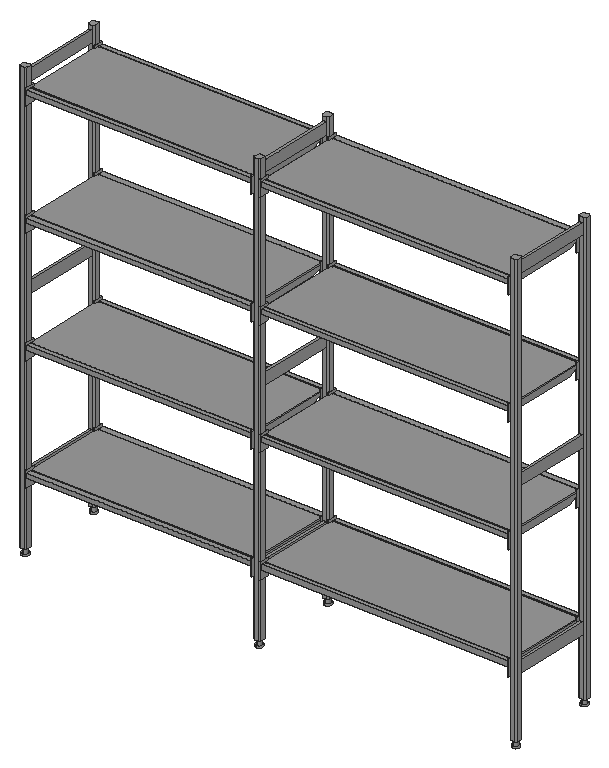
Revit family "QF_ELECTROLUXPROFESSIONAL_137023_ALS1960", category Attrezzature speciali, Revit 2020
Family settings
  Quota connettore circolare = Usa diametro
  Tipo di parte = Normale
  Basato su piano di lavoro = No
  Sempre verticale = Sì
  Taglio con vuoti quando caricato = No
  Condiviso = No
  Punto di calcolo locali = No
Parameters (values of type "Standard")
  Weight = 34.00 kg
  Watts = 0 W
  Volts = 0 V
  URL Manufacturer = "https://www.electroluxprofessional.com/"
  URL = "https://www.electroluxprofessional.com/"
  Steam Supply Size = 0 mm
  Steam Supply Minimum Pressure = 0.0 Pa
  Steam Supply Maximum Pressure = 0.0 Pa
  Steam Consumption per Hour = 0
  Refrigeration Suction Line Size = 0.0 mm
  Refrigeration Liquid Line Size = 0.0 mm
  Refrigerant Compressor Remote = yes
  Prospetto di default = 0.0 mm
  Phase = 0
  Modello = "ALS1960"
  Produttore = "Electrolux Professional"
  Length Actual = 1960.0 mm  # constant formula
  Item Number = "137023"
  Hot Water Size = 0 mm
  Height Actual = 1700.0 mm  # constant formula
  HP = "0 HP"
  Gas Size = 0 mm
  Gas KW = 0
  Gas Input Pressure = 0 W
  Direct Waste Size = 0 mm
  Descrizione = "ALUM.LINEAR SHELV.-POLY.TIERS-373X1960MM"
  Depth Actual = 373.0 mm  # constant formula
  Cycle = 0 Hz
  Condensate Return Size = 0 mm
  Compressed Air Volume = 0.0 L/s
  Compressed Air Size = 0 mm
  Compressed Air Pressure = 0.0 Pa
  Cold Water Size = 0 mm
  Accessory = yes
Reference planes
  plane 1: z = 0
  plane 2 "CenterLeft": x = -31
  plane 3 "LEFT": x = -417
  plane 4 "BACK": y = 23
  plane 5 "FRONT": y = -350
  plane 6 "TOP": z = 1700
  plane 7: x = -385
  plane 8: x = 501
  plane 9 "Center (Front/Back)": y = -163.5
  plane 10: y = -8.5
  plane 11: y = -318.5
  plane 12 "FEET": z = 25
  plane 13: z = 275
  plane 14: z = 725
  plane 15: z = 1175
  plane 16: z = 1625
  plane 17 "CXLeft": x = -403
  plane 18 "Center (Left/Right)": x = 519
  plane 19: y = 5.5
  plane 20 "CYBack": y = 5.5
  plane 21 "CYFront": y = -332.5
  plane 22 "RIGHT": x = 1543
  plane 23: x = 1511
  plane 24 "CXRight": x = 1529
  plane 25: x = 537
Forms (mm)
  Extrusion 1, solid, material "QF_Aluminum"
    sketch origin (-417, 0, -4.006) x (0, 1, 0) y (0, 0, 1)
      loop
        line (-12, 1637.003) -> (4, 1637.003) -> (4, 1655) -> (2.007, 1655) -> (2.007, 1648.501) -> (-329, 1648.501) -> (-329, 1655) -> (-331, 1655) -> (-331, 1637.003) -> (-315, 1637.003) -> (-281, 1625) -> (-46, 1625) -> (-12, 1637.003)
      loop
        line (-12, 1187.003) -> (4, 1187.003) -> (4, 1205) -> (2.007, 1205) -> (2.007, 1198.501) -> (-329, 1198.501) -> (-329, 1205) -> (-331, 1205) -> (-331, 1187.003) -> (-315, 1187.003) -> (-281, 1175) -> (-46, 1175) -> (-12, 1187.003)
      loop
        line (-12, 737.003) -> (4, 737.003) -> (4, 755) -> (2.007, 755) -> (2.007, 748.501) -> (-329, 748.501) -> (-329, 755) -> (-331, 755) -> (-331, 737.003) -> (-315, 737.003) -> (-281, 725) -> (-46, 725) -> (-12, 737.003)
      loop
        line (-12, 287.003) -> (4, 287.003) -> (4, 305) -> (2.007, 305) -> (2.007, 298.501) -> (-329, 298.501) -> (-329, 305) -> (-331, 305) -> (-331, 287.003) -> (-315, 287.003) -> (-281, 275) -> (-46, 275) -> (-12, 287.003)
    from 37 to 32
  Extrusion 2, solid, material "QF_Aluminum"
    sketch origin (-417, 0, 0) x (0, 1, 0) y (0, 0, 1)
      loop
        line (23, 246.005) -> (23, 307.993) -> (-12.993, 307.993) -> (-12.993, 246.005) -> (23, 246.005)
      loop
        line (-350, 246.005) -> (-314.007, 246.005) -> (-314.007, 307.993) -> (-350, 307.993) -> (-350, 246.005)
      loop
        line (23, 696.005) -> (23, 757.993) -> (-12.993, 757.993) -> (-12.993, 696.005) -> (23, 696.005)
      loop
        line (-350, 696.005) -> (-314.007, 696.005) -> (-314.007, 757.993) -> (-350, 757.993) -> (-350, 696.005)
      loop
        line (23, 1146.005) -> (23, 1207.993) -> (-12.993, 1207.993) -> (-12.993, 1146.005) -> (23, 1146.005)
      loop
        line (-350, 1146.005) -> (-314.007, 1146.005) -> (-314.007, 1207.993) -> (-350, 1207.993) -> (-350, 1146.005)
      loop
        line (23, 1596.005) -> (23, 1657.993) -> (-12.993, 1657.993) -> (-12.993, 1596.005) -> (23, 1596.005)
      loop
        line (-350, 1596.005) -> (-314.007, 1596.005) -> (-314.007, 1657.993) -> (-350, 1657.993) -> (-350, 1596.005)
    from 28 to 32
  Extrusion 3, solid, material "QF_Aluminum"
    sketch origin (-417, 0, 0) x (0, 1, 0) y (0, 0, 1)
      loop
        line (4, 1650.994) -> (4, 1632.998) -> (23, 1632.998) -> (23, 1650.994) -> (4, 1650.994)
      loop
        line (-331, 1650.994) -> (-350, 1650.994) -> (-350, 1632.998) -> (-331, 1632.998) -> (-331, 1650.994)
      loop
        line (4, 1200.994) -> (4, 1182.998) -> (23, 1182.998) -> (23, 1200.994) -> (4, 1200.994)
      loop
        line (-331, 1200.994) -> (-350, 1200.994) -> (-350, 1182.998) -> (-331, 1182.998) -> (-331, 1200.994)
      loop
        line (4, 750.994) -> (4, 732.998) -> (23, 732.998) -> (23, 750.994) -> (4, 750.994)
      loop
        line (-331, 750.994) -> (-350, 750.994) -> (-350, 732.998) -> (-331, 732.998) -> (-331, 750.994)
      loop
        line (4, 300.994) -> (4, 282.998) -> (23, 282.998) -> (23, 300.994) -> (4, 300.994)
      loop
        line (-331, 300.994) -> (-350, 300.994) -> (-350, 282.998) -> (-331, 282.998) -> (-331, 300.994)
    from 32 to 918
  Extrusion 4, solid, material "QF_Polyethylene"
    sketch origin (-417, 0, 0) x (0, 1, 0) y (0, 0, 1)
      loop
        line (2.007, 1650.994) -> (-329, 1650.994) -> (-329, 1644.496) -> (2.007, 1644.496) -> (2.007, 1650.994)
      loop
        line (2.007, 1200.994) -> (-329, 1200.994) -> (-329, 1194.496) -> (2.007, 1194.496) -> (2.007, 1200.994)
      loop
        line (2.007, 750.994) -> (-329, 750.994) -> (-329, 744.496) -> (2.007, 744.496) -> (2.007, 750.994)
      loop
        line (2.007, 300.994) -> (-329, 300.994) -> (-329, 294.496) -> (2.007, 294.496) -> (2.007, 300.994)
    from 32 to 918
  Extrusion 5, solid, material "QF_Aluminum"
    sketch origin (1543, 0, 0) x (0, 1, 0) y (0, 0, 1)
      loop
        line (4, 1650.994) -> (4, 1632.998) -> (23, 1632.998) -> (23, 1650.994) -> (4, 1650.994)
      loop
        line (-331, 1650.994) -> (-350, 1650.994) -> (-350, 1632.998) -> (-331, 1632.998) -> (-331, 1650.994)
      loop
        line (4, 1200.994) -> (4, 1182.998) -> (23, 1182.998) -> (23, 1200.994) -> (4, 1200.994)
      loop
        line (-331, 1200.994) -> (-350, 1200.994) -> (-350, 1182.998) -> (-331, 1182.998) -> (-331, 1200.994)
      loop
        line (4, 750.994) -> (4, 732.998) -> (23, 732.998) -> (23, 750.994) -> (4, 750.994)
      loop
        line (-331, 750.994) -> (-350, 750.994) -> (-350, 732.998) -> (-331, 732.998) -> (-331, 750.994)
      loop
        line (4, 300.994) -> (4, 282.998) -> (23, 282.998) -> (23, 300.994) -> (4, 300.994)
      loop
        line (-331, 300.994) -> (-350, 300.994) -> (-350, 282.998) -> (-331, 282.998) -> (-331, 300.994)
    from -32 to -1006
  Extrusion 6, solid, material "QF_Polyethylene"
    sketch origin (1543, 0, 0) x (0, 1, 0) y (0, 0, 1)
      loop
        line (2.007, 1650.994) -> (-329, 1650.994) -> (-329, 1644.496) -> (2.007, 1644.496) -> (2.007, 1650.994)
      loop
        line (2.007, 1200.994) -> (-329, 1200.994) -> (-329, 1194.496) -> (2.007, 1194.496) -> (2.007, 1200.994)
      loop
        line (2.007, 750.994) -> (-329, 750.994) -> (-329, 744.496) -> (2.007, 744.496) -> (2.007, 750.994)
      loop
        line (2.007, 300.994) -> (-329, 300.994) -> (-329, 294.496) -> (2.007, 294.496) -> (2.007, 300.994)
    from -32 to -1006
Lines and regions (mm)
  symbolic lines
    curve 1: line (501, 4, 1700) -> (-385, 4, 1700)
    curve 2: line (-408, -8.5, 1700) -> (-408, -318.5, 1700)
    curve 3: line (-398, -318.5, 1700) -> (-398, -8.5, 1700)
    curve 4: line (-389, 23, 1700) -> (505, 23, 1700)
    curve 5: line (-385, -350, 1700) -> (501, -350, 1700)
    curve 6: line (533, 23, 1700) -> (1515, 23, 1700)
    curve 7: line (533, -350, 1700) -> (1515, -350, 1700)
    curve 8: line (-385, -331, 1700) -> (501, -331, 1700)
    curve 9: line (537, -331, 1700) -> (1511, -331, 1700)
    curve 10: line (537, 4, 1700) -> (1511, 4, 1700)
    curve 11: line (1511, -12.993, 1700) -> (1511, -314.007, 1700)
    curve 12: line (501, -12.993, 1700) -> (501, -314.007, 1700)
    curve 13: line (537, -314.007, 1700) -> (537, -12.993, 1700)
    curve 14: line (-385, -12.993, 1700) -> (-385, -314.007, 1700)
Dimensions and locks
  plane 3 "LEFT" to plane 2 "CenterLeft" = 386.0 mm
  locked: plane 6 "TOP" to level at 1700
  locked: plane 4 "BACK" to plane 5 "FRONT" at 373
  locked: plane 7 to plane 8 at 886
  locked: plane 10 to plane 11 at 310
  equal spacing: plane 10, plane 9 "Center (Front/Back)", plane 11
  equal spacing: plane 4 "BACK", plane 9 "Center (Front/Back)", plane 5 "FRONT"
  plane 12 "FEET" to level = 25.0 mm
  plane 6 "TOP" to plane 12 "FEET" = 1675.0 mm
  plane 13 to plane 12 "FEET" = 250.0 mm
  plane 14 to plane 13 = 450.0 mm
  plane 15 to plane 14 = 450.0 mm
  plane 16 to plane 15 = 450.0 mm
  locked: plane 4 "BACK" to plane 20 "CYBack" at 17.5
  locked: plane 21 "CYFront" to plane 5 "FRONT" at 17.5
  locked: plane 4 "BACK" to Extrusion 1 at 19
  locked: Extrusion 1 to plane 5 "FRONT" at 19
  Extrusion 1 sketch curve to plane 21 "CYFront" = 3.5 mm
  plane 3 "LEFT" to plane 22 "RIGHT" = 1960.0 mm
  locked: plane 25 to plane 23 at 974
  locked: plane 8 to plane 18 "Center (Left/Right)" at 18
  locked: plane 18 "Center (Left/Right)" to plane 25 at 18
  locked: plane 3 "LEFT" to plane 7 at 32
  locked: plane 24 "CXRight" to plane 22 "RIGHT" at 14
  aligned and locked: level to plane 1
  aligned and locked: plane 7 to Extrusion 1
  aligned and locked: Extrusion 2 to plane 7
  aligned and locked: plane 7 to Extrusion 4
  aligned and locked: Extrusion 4 to plane 8
  aligned and locked: plane 7 to Extrusion 3
  aligned and locked: Extrusion 3 to plane 8
  aligned and locked: Extrusion 3 sketch curve to Extrusion 1
  aligned and locked: Extrusion 1 to Extrusion 3 sketch curve
  aligned and locked: Extrusion 3 sketch curve to Extrusion 3 sketch curve  (x2)
  aligned and locked: Extrusion 1 sketch curve to Extrusion 1 sketch curve  (x3)
  aligned and locked: Extrusion 4 sketch curve to Extrusion 1  (x4)
  aligned and locked: Extrusion 5 sketch curve to Extrusion 5 sketch curve  (x2)
  aligned and locked: Extrusion 5 to plane 25
  aligned and locked: Extrusion 6 to plane 25
  aligned and locked: plane 18 "Center (Left/Right)" to nested 3
  aligned and locked: plane 17 "CXLeft" to nested 1
  aligned and locked: Extrusion 3 to plane 7  (x3)
  aligned and locked: plane 8 to Extrusion 3  (x4)
  aligned and locked: plane 25 to Extrusion 5  (x4)
  aligned and locked: plane 25 to Extrusion 6  (x4)
  aligned and locked: plane 8 to Extrusion 4  (x4)
  aligned and locked: plane 24 "CXRight" to nested 2
  aligned and locked: Extrusion 5 to plane 23
  aligned and locked: Extrusion 6 to plane 23
  aligned and locked: plane 23 to Extrusion 5  (x3)
  aligned and locked: plane 23 to Extrusion 6  (x3)
Automatic sketch dimensions
  plane 21 "CYFront" to Extrusion 1 sketch curve = 1.5 mm  (x4)
  plane 11 to Extrusion 1 sketch curve = 3.5 mm  (x4)
  Extrusion 1 sketch curve to plane 13 = 4.006 mm
  Extrusion 1 sketch curve to Extrusion 1 sketch curve = 34.0 mm  (x4)
  Extrusion 1 sketch curve to plane 14 = 4.006 mm
  Extrusion 1 sketch curve to plane 15 = 4.006 mm
  Extrusion 1 sketch curve to plane 16 = 4.006 mm
  Extrusion 1 sketch curve to plane 10 = 37.5 mm  (x4)
  Extrusion 1 sketch curve to plane 10 = 3.5 mm  (x4)
  plane 19 to Extrusion 1 sketch curve = 3.493 mm  (x4)
  plane 19 to Extrusion 1 sketch curve = 1.5 mm  (x4)
  plane 13 to Extrusion 1 sketch curve = 7.998 mm  (x2)
  Extrusion 1 sketch curve to Extrusion 1 sketch curve = 11.498 mm  (x4)
  Extrusion 1 sketch curve to Extrusion 1 sketch curve = 6.499 mm  (x8)
  plane 14 to Extrusion 1 sketch curve = 7.998 mm  (x2)
  plane 15 to Extrusion 1 sketch curve = 7.998 mm  (x2)
  plane 16 to Extrusion 1 sketch curve = 7.998 mm  (x2)
  Extrusion 2 sketch curve to plane 5 "FRONT" = 0.0 mm  (x4)
  Extrusion 2 sketch curve to plane 4 "BACK" = 0.0 mm  (x4)
  plane 11 to Extrusion 2 sketch curve = 4.493 mm  (x4)
  Extrusion 2 sketch curve to plane 10 = 4.493 mm  (x4)
  Extrusion 2 sketch curve to plane 13 = 28.995 mm  (x2)
  plane 13 to Extrusion 2 sketch curve = 32.993 mm  (x2)
  Extrusion 2 sketch curve to plane 14 = 28.995 mm  (x2)
  plane 14 to Extrusion 2 sketch curve = 32.993 mm  (x2)
  Extrusion 2 sketch curve to plane 15 = 28.995 mm  (x2)
  plane 15 to Extrusion 2 sketch curve = 32.993 mm  (x2)
  Extrusion 2 sketch curve to plane 16 = 28.995 mm  (x2)
  plane 16 to Extrusion 2 sketch curve = 32.993 mm  (x2)
  Extrusion 3 sketch curve to plane 5 "FRONT" = 0.0 mm  (x4)
  Extrusion 3 sketch curve to plane 4 "BACK" = 0.0 mm  (x4)
  plane 19 to Extrusion 3 sketch curve = 1.5 mm  (x4)
  plane 13 to Extrusion 3 sketch curve = 7.998 mm  (x2)
  Extrusion 3 sketch curve to Extrusion 3 sketch curve = 17.997 mm  (x8)
  plane 14 to Extrusion 3 sketch curve = 7.998 mm  (x2)
  plane 15 to Extrusion 3 sketch curve = 7.998 mm  (x2)
  plane 16 to Extrusion 3 sketch curve = 7.998 mm  (x2)
  plane 19 to Extrusion 4 sketch curve = 3.493 mm  (x4)
  plane 13 to Extrusion 4 sketch curve = 19.496 mm
  Extrusion 4 sketch curve to Extrusion 4 sketch curve = 6.499 mm  (x4)
  plane 14 to Extrusion 4 sketch curve = 19.496 mm
  plane 15 to Extrusion 4 sketch curve = 19.496 mm
  plane 16 to Extrusion 4 sketch curve = 19.496 mm
  Extrusion 5 sketch curve to plane 5 "FRONT" = 0.0 mm  (x4)
  Extrusion 5 sketch curve to plane 4 "BACK" = 0.0 mm  (x4)
  plane 21 "CYFront" to Extrusion 5 sketch curve = 1.5 mm  (x2)
  plane 19 to Extrusion 5 sketch curve = 1.5 mm  (x4)
  plane 13 to Extrusion 5 sketch curve = 7.998 mm  (x2)
  Extrusion 5 sketch curve to Extrusion 5 sketch curve = 17.997 mm  (x8)
  plane 14 to Extrusion 5 sketch curve = 7.998 mm  (x2)
  plane 15 to Extrusion 5 sketch curve = 7.998 mm  (x2)
  plane 16 to Extrusion 5 sketch curve = 7.998 mm  (x2)
  plane 21 "CYFront" to Extrusion 6 sketch curve = 3.5 mm  (x4)
  plane 19 to Extrusion 6 sketch curve = 3.493 mm  (x4)
  plane 13 to Extrusion 6 sketch curve = 19.496 mm
  Extrusion 6 sketch curve to Extrusion 6 sketch curve = 6.499 mm  (x4)
  plane 14 to Extrusion 6 sketch curve = 19.496 mm
  plane 15 to Extrusion 6 sketch curve = 19.496 mm
  plane 16 to Extrusion 6 sketch curve = 19.496 mm
  curve 7 to plane 5 "FRONT" = 0.0 mm
  curve 5 to plane 5 "FRONT" = 0.0 mm
  curve 8 to plane 8 = 0.0 mm
  curve 9 to plane 25 = 0.0 mm
  curve 9 to plane 23 = 0.0 mm
  curve 8 to plane 7 = 0.0 mm
  curve 2 to plane 11 = 0.0 mm
  curve 3 to plane 11 = 0.0 mm
  curve 14 to plane 7 = 0.0 mm
  curve 13 to plane 25 = 0.0 mm
  curve 12 to plane 8 = 0.0 mm
  curve 11 to plane 23 = 0.0 mm
  curve 3 to plane 10 = 0.0 mm
  curve 2 to plane 10 = 0.0 mm
  curve 1 to plane 8 = 0.0 mm
  curve 1 to plane 7 = 0.0 mm
  curve 10 to plane 23 = 0.0 mm
  curve 10 to plane 25 = 0.0 mm
  curve 4 to plane 4 "BACK" = 0.0 mm
  curve 6 to plane 4 "BACK" = 0.0 mm
  curve 5 to plane 8 = 0.0 mm
  curve 5 to plane 7 = 0.0 mm
  plane 21 "CYFront" to curve 8 = 1.5 mm
  plane 21 "CYFront" to curve 9 = 1.5 mm
  plane 11 to curve 14 = 4.493 mm
  plane 11 to curve 13 = 4.493 mm
  plane 11 to curve 12 = 4.493 mm
  plane 11 to curve 11 = 4.493 mm
  curve 14 to plane 10 = 4.493 mm
  curve 13 to plane 10 = 4.493 mm
  curve 12 to plane 10 = 4.493 mm
  curve 11 to plane 10 = 4.493 mm
  plane 19 to curve 1 = 1.5 mm
  plane 19 to curve 10 = 1.5 mm
  curve 6 to plane 23 = 4.0 mm
  curve 7 to plane 23 = 4.0 mm
  curve 6 to plane 25 = 4.0 mm
  curve 7 to plane 25 = 4.0 mm
  curve 4 to plane 8 = 4.0 mm
  plane 7 to curve 4 = 4.0 mm
  plane 17 "CXLeft" to curve 3 = 5.0 mm
  curve 2 to plane 17 "CXLeft" = 5.0 mm
Nested families
  nested 1: "WT_Anta373" at (0, 0, 0), type "WT_Anta373"
  nested 2: "WT_Anta373" at (1126, 0, 0) x (-1, 0, 0) z (0, 0, 1), type "WT_Anta373"
  nested 3: "WT_Anta373Center" at (922, 0, 0), type "WT_Anta373Center"
Definition of nested family "WT_Anta373"
  Parameters
    WidthLeft = A + 64.0 mm  # 772.0 mm
    Width = 1606.0 mm
    Right = WidthLeft / 2  # 386.0 mm
    Default Elevation = 0.0 mm
    Left = -WidthLeft / 2  # -386.0 mm
    Height = 1725.0 mm
    FEET = 25.0 mm
    E = 0.0 mm
    Dint = Depth - 63.0 mm  # 310.0 mm
    Dext = Depth - 8.0 mm  # 365.0 mm
    Depth = 373.0 mm
    DX = (WidthLeft - A) / 2  # 32.0 mm
    B = 798.0 mm
    A = 708.0 mm
  Reference planes
    plane 1: z = 0
    plane 2 "LEFT": x = -417
    plane 3 "BACK": y = 23
    plane 4 "FRONT": y = -350
    plane 5 "TOP": z = 1725
    plane 6 "Center (Front/Back)": y = -163.5
    plane 7: y = -8.5
    plane 8: y = -318.5
    plane 9 "FEET": z = 25
    plane 10: z = 275
    plane 11: z = 725
    plane 12: z = 1175
    plane 13: z = 1625
    plane 14 "CXLeft": x = -403
    plane 15: y = 5.5
    plane 16 "CYBack": y = 5.5
    plane 17 "CYFront": y = -332.5
    plane 18: x = -385.031
    plane 19: x = -380.031
  Forms (mm)
    Extrusion 1, solid
      sketch origin (0, 0, 0) x (1, 0, 0) y (0, 1, 0)
        loop
          line (-417, 13.246) -> (-417, -2.246) -> (-410.746, -8.5) -> (-395.254, -8.5) -> (-389, -2.246) -> (-389, 13.246) -> (-395.254, 19.5) -> (-410.746, 19.5) -> (-417, 13.246)
      from 1725 to 25
    Extrusion 2, solid
      sketch origin (-417, 0, 0) x (0, 1, 0) y (0, 0, 1)
        loop
          line (23, 246.005) -> (23, 307.993) -> (-12.993, 307.993) -> (-12.993, 246.005) -> (23, 246.005)
        loop
          line (-350, 246.005) -> (-314.007, 246.005) -> (-314.007, 307.993) -> (-350, 307.993) -> (-350, 246.005)
        loop
          line (23, 696.005) -> (23, 757.993) -> (-12.993, 757.993) -> (-12.993, 696.005) -> (23, 696.005)
        loop
          line (-350, 696.005) -> (-314.007, 696.005) -> (-314.007, 757.993) -> (-350, 757.993) -> (-350, 696.005)
        loop
          line (23, 1146.005) -> (23, 1207.993) -> (-12.993, 1207.993) -> (-12.993, 1146.005) -> (23, 1146.005)
        loop
          line (-350, 1146.005) -> (-314.007, 1146.005) -> (-314.007, 1207.993) -> (-350, 1207.993) -> (-350, 1146.005)
        loop
          line (23, 1596.005) -> (23, 1657.993) -> (-12.993, 1657.993) -> (-12.993, 1596.005) -> (23, 1596.005)
        loop
          line (-350, 1596.005) -> (-314.007, 1596.005) -> (-314.007, 1657.993) -> (-350, 1657.993) -> (-350, 1596.005)
      from 28 to 32
    Revolve 3, solid
      sketch origin (-403, 0, 0) x (0, 1, 0) y (0, 0, 1)
        loop
          line (5.5, 25) -> (5.5, 0) -> (19, 0) -> (19, 5) -> (14, 5) -> (14, 25) -> (5.5, 25)
        axis (5.5, 25) -> (5.5, 0)
      angle from 0 to 360
    Extrusion 4, solid
      sketch origin (-403, 0, 0) x (0, 1, 0) y (0, 0, 1)
        loop
          line (-8.5, 912.382) -> (-8.5, 957.374) -> (-318.5, 957.374) -> (-318.5, 912.382) -> (-8.5, 912.382)
        loop
          line (-8.5, 1662.244) -> (-8.5, 1707.236) -> (-318.5, 1707.236) -> (-318.5, 1662.244) -> (-8.5, 1662.244)
      from -5 to 5
    Revolve 5, solid
      sketch origin (-403, -627, 0) x (0, -1, 0) y (0, 0, 1)
        loop
          line (-294.5, 25) -> (-294.5, 0) -> (-281, 0) -> (-281, 5) -> (-286, 5) -> (-286, 25) -> (-294.5, 25)
        axis (-294.5, 25) -> (-294.5, 0)
      angle from 0 to 360
    Extrusion 6, solid
      sketch origin (0, -627, 0) x (1, 0, 0) y (0, 1, 0)
        loop
          line (-417, 286.754) -> (-410.746, 280.5) -> (-395.254, 280.5) -> (-389, 286.754) -> (-389, 302.246) -> (-395.254, 308.5) -> (-410.746, 308.5) -> (-417, 302.246) -> (-417, 286.754)
      from 1725 to 25
    Extrusion 7, solid
      sketch origin (-417.031, -0.022, 0) x (0, 1, 0) y (0, 0, -1)
        loop
          line (-12, -1632.998) -> (-46, -1620.994) -> (-281, -1620.994) -> (-315, -1632.998) -> (-331, -1632.998) -> (-331, -1650.994) -> (-329, -1650.994) -> (-329, -1644.496) -> (2.007, -1644.496) -> (2.007, -1650.994) -> (4, -1650.994) -> (4, -1632.998) -> (-12, -1632.998)
        loop
          line (-12, -1182.998) -> (-46, -1170.994) -> (-281, -1170.994) -> (-315, -1182.998) -> (-331, -1182.998) -> (-331, -1200.994) -> (-329, -1200.994) -> (-329, -1194.496) -> (2.007, -1194.496) -> (2.007, -1200.994) -> (4, -1200.994) -> (4, -1182.998) -> (-12, -1182.998)
        loop
          line (-12, -732.998) -> (-46, -720.994) -> (-281, -720.994) -> (-315, -732.998) -> (-331, -732.998) -> (-331, -750.994) -> (-329, -750.994) -> (-329, -744.496) -> (2.007, -744.496) -> (2.007, -750.994) -> (4, -750.994) -> (4, -732.998) -> (-12, -732.998)
        loop
          line (-12, -282.998) -> (-46, -270.994) -> (-281, -270.994) -> (-315, -282.998) -> (-331, -282.998) -> (-331, -300.994) -> (-329, -300.994) -> (-329, -294.496) -> (2.007, -294.496) -> (2.007, -300.994) -> (4, -300.994) -> (4, -282.998) -> (-12, -282.998)
      from -32 to -37
    Extrusion 8, solid
      sketch origin (-403, 0, -659.878) x (0, 1, 0) y (0, 0, 1)
        loop
          line (-8.5, 912.382) -> (-8.5, 957.374) -> (-318.5, 957.374) -> (-318.5, 912.382) -> (-8.5, 912.382)
        loop
          line (-8.5, 1572.382) -> (-8.5, 1617.374) -> (-318.5, 1617.374) -> (-318.5, 1572.382) -> (-8.5, 1572.382)
        loop
          line (-8.5, 2322.382) -> (-8.5, 2367.374) -> (-318.5, 2367.374) -> (-318.5, 2322.382) -> (-8.5, 2322.382)
      from -5 to 5
  Lines and regions (mm)
    symbolic lines
      curve 1: line (-408, -8.5, 1725) -> (-408, -318.5, 1725)
      curve 2: line (-398, -318.5, 1725) -> (-398, -8.5, 1725)
      curve 3: line (-395.254, -8.5, 1725) -> (-410.746, -8.5, 1725)
      curve 4: line (-417, -2.246, 1725) -> (-410.746, -8.5, 1725)
      curve 5: line (-417, 13.246, 1725) -> (-417, -2.246, 1725)
      curve 6: line (-410.746, 19.5, 1725) -> (-417, 13.246, 1725)
      curve 7: line (-395.254, 19.5, 1725) -> (-410.746, 19.5, 1725)
      curve 8: line (-389, 13.246, 1725) -> (-395.254, 19.5, 1725)
      curve 9: line (-395.254, -8.5, 1725) -> (-389, -2.246, 1725)
      curve 10: line (-395.254, -318.5, 1725) -> (-410.746, -318.5, 1725)
      curve 11: line (-417, -324.754, 1725) -> (-410.746, -318.5, 1725)
      curve 12: line (-410.746, -346.5, 1725) -> (-417, -340.246, 1725)
      curve 13: line (-395.254, -346.5, 1725) -> (-410.746, -346.5, 1725)
      curve 14: line (-389, -340.246, 1725) -> (-395.254, -346.5, 1725)
      curve 15: line (-395.254, -318.5, 1725) -> (-389, -324.754, 1725)
      curve 16: line (-389, -350, 1725) -> (-389, -314.007, 1725)
      curve 17: line (-389, -314.007, 1725) -> (-385, -314.007, 1725)
      curve 18: line (-389, 23, 1725) -> (-389, -12.993, 1725)
      curve 19: line (-389, -12.993, 1725) -> (-385, -12.993, 1725)
      curve 20: line (-417, -324.754, 1725) -> (-417, -340.246, 1725)
      curve 21: line (-385, -350, 1725) -> (-385, -314.007, 1725)
      curve 22: line (-385, -350, 1725) -> (-389, -350, 1725)
      curve 23: line (-385, 23, 1725) -> (-389, 23, 1725)
      curve 24: line (-385, -12.993, 1725) -> (-385, 23, 1725)
      curve 25: line (-385.031, -13.016, 1725) -> (-385.031, -314.029, 1725)
  Dimensions and locks
    "Height": plane 5 "TOP" to level
    "Depth": plane 3 "BACK" to plane 4 "FRONT"
    "Dint": plane 7 to plane 8
    equal spacing: plane 7, plane 6 "Center (Front/Back)", plane 8
    equal spacing: plane 3 "BACK", plane 6 "Center (Front/Back)", plane 4 "FRONT"
    plane 9 "FEET" to level = 25.0 mm
    plane 5 "TOP" to plane 9 "FEET" = 1700.0 mm
    plane 10 to plane 9 "FEET" = 250.0 mm
    plane 11 to plane 10 = 450.0 mm
    plane 12 to plane 11 = 450.0 mm
    plane 13 to plane 12 = 450.0 mm
    locked: plane 2 "LEFT" to plane 14 "CXLeft" at 14
    locked: plane 3 "BACK" to plane 16 "CYBack" at 17.5
    locked: plane 17 "CYFront" to plane 4 "FRONT" at 17.5
    locked: Revolve 3 sketch curve to Revolve 3 sketch curve at 8.5
    locked: Revolve 3 sketch curve to plane 16 "CYBack" at 13.5
    locked: Revolve 5 sketch curve to Revolve 5 sketch curve at 8.5
    aligned and locked: level to plane 1
    aligned and locked: curve 20 to Extrusion 6
    aligned and locked: plane 5 "TOP" to Extrusion 1
    aligned and locked: plane 5 "TOP" to Extrusion 6
    aligned and locked: Extrusion 7 sketch curve to Extrusion 7 sketch curve  (x3)
  Automatic sketch dimensions
    curve 16 to plane 4 "FRONT" = 0.0 mm
    curve 11 to plane 8 = 0.0 mm
    curve 9 to plane 7 = 0.0 mm
    curve 5 to plane 2 "LEFT" = 0.0 mm
    curve 23 to plane 3 "BACK" = 0.0 mm
    plane 4 "FRONT" to curve 13 = 3.5 mm
    curve 20 to plane 17 "CYFront" = 7.746 mm
    curve 20 to plane 8 = 6.254 mm
    plane 8 to curve 16 = 4.493 mm
    curve 24 to plane 18 = 0.031 mm
    curve 24 to plane 7 = 4.493 mm
    plane 7 to curve 5 = 6.254 mm
    curve 5 to plane 15 = 7.746 mm
    curve 6 to plane 3 "BACK" = 3.5 mm
    curve 21 to plane 18 = 0.031 mm
    plane 18 to curve 23 = 3.969 mm
    plane 18 to curve 16 = 3.969 mm
    curve 18 to curve 8 = 6.254 mm
    curve 18 to curve 3 = 6.254 mm
    curve 16 to curve 13 = 6.254 mm
    curve 16 to curve 15 = 6.254 mm
    plane 2 "LEFT" to curve 10 = 6.254 mm
    plane 2 "LEFT" to curve 7 = 6.254 mm
    plane 2 "LEFT" to curve 12 = 6.254 mm
    plane 2 "LEFT" to curve 3 = 6.254 mm
    curve 14 to plane 17 "CYFront" = 7.746 mm
    curve 15 to plane 8 = 6.254 mm
    plane 7 to curve 9 = 6.254 mm
    curve 8 to plane 15 = 7.746 mm
    curve 3 to curve 2 = 2.746 mm
    curve 1 to curve 10 = 2.746 mm
    Extrusion 1 sketch curve to plane 2 "LEFT" = 0.0 mm
    Extrusion 1 sketch curve to plane 7 = 0.0 mm
    plane 2 "LEFT" to Extrusion 1 sketch curve = 6.254 mm  (x2)
    plane 14 "CXLeft" to Extrusion 1 sketch curve = 7.746 mm  (x2)
    Extrusion 1 sketch curve to plane 3 "BACK" = 3.5 mm
    plane 18 to Extrusion 1 sketch curve = 3.969 mm
    plane 7 to Extrusion 1 sketch curve = 6.254 mm  (x2)
    Extrusion 1 sketch curve to plane 15 = 7.746 mm  (x2)
    Extrusion 2 sketch curve to plane 4 "FRONT" = 0.0 mm  (x4)
    Extrusion 2 sketch curve to plane 3 "BACK" = 0.0 mm  (x4)
    plane 8 to Extrusion 2 sketch curve = 4.493 mm  (x4)
    Extrusion 2 sketch curve to plane 7 = 4.493 mm  (x4)
    Extrusion 2 sketch curve to plane 10 = 28.995 mm  (x2)
    plane 10 to Extrusion 2 sketch curve = 32.993 mm  (x2)
    Extrusion 2 sketch curve to plane 11 = 28.995 mm  (x2)
    plane 11 to Extrusion 2 sketch curve = 32.993 mm  (x2)
    Extrusion 2 sketch curve to plane 12 = 28.995 mm  (x2)
    plane 12 to Extrusion 2 sketch curve = 32.993 mm  (x2)
    Extrusion 2 sketch curve to plane 13 = 28.995 mm  (x2)
    plane 13 to Extrusion 2 sketch curve = 32.993 mm  (x2)
    Revolve 3 sketch curve to plane 9 "FEET" = 0.0 mm  (x2)
    Revolve 3 sketch curve to plane 15 = 0.0 mm  (x2)
    Revolve 3 sketch curve to level = 0.0 mm
    level to Revolve 3 sketch curve = 5.0 mm
    Revolve 3 sketch curve to Revolve 3 sketch curve = 11.655 mm
    Extrusion 4 sketch curve to plane 8 = 0.0 mm  (x2)
    Extrusion 4 sketch curve to plane 7 = 0.0 mm  (x2)
    plane 11 to Extrusion 4 sketch curve = 187.382 mm
    Extrusion 4 sketch curve to Extrusion 4 sketch curve = 44.992 mm
    plane 13 to Extrusion 4 sketch curve = 37.244 mm
    Extrusion 4 sketch curve to plane 5 "TOP" = 17.764 mm
    Revolve 5 sketch curve to plane 9 "FEET" = 0.0 mm  (x2)
    Revolve 5 sketch curve to plane 17 "CYFront" = 0.0 mm  (x2)
    Revolve 5 sketch curve to level = 0.0 mm
    Revolve 5 sketch curve to plane 4 "FRONT" = 4.0 mm
    Revolve 5 sketch curve to Revolve 5 sketch curve = 5.0 mm
    level to Revolve 5 sketch curve = 11.655 mm
    Extrusion 6 sketch curve to plane 2 "LEFT" = 0.0 mm
    Extrusion 6 sketch curve to plane 8 = 0.0 mm
    Extrusion 6 sketch curve to plane 2 "LEFT" = 6.254 mm  (x2)
    Extrusion 6 sketch curve to plane 14 "CXLeft" = 7.746 mm  (x2)
    Extrusion 6 sketch curve to plane 4 "FRONT" = 3.5 mm
    Extrusion 6 sketch curve to plane 18 = 3.969 mm
    plane 8 to Extrusion 6 sketch curve = 6.254 mm  (x2)
    plane 17 "CYFront" to Extrusion 6 sketch curve = 7.746 mm  (x2)
    plane 17 "CYFront" to Extrusion 7 sketch curve = 1.478 mm  (x4)
    Extrusion 7 sketch curve to Extrusion 7 sketch curve = 2.0 mm
    plane 8 to Extrusion 7 sketch curve = 3.478 mm  (x4)
    Extrusion 7 sketch curve to plane 10 = 4.006 mm
    Extrusion 7 sketch curve to Extrusion 7 sketch curve = 34.0 mm  (x4)
    Extrusion 7 sketch curve to plane 11 = 4.006 mm
    Extrusion 7 sketch curve to plane 12 = 4.006 mm
    Extrusion 7 sketch curve to plane 13 = 4.006 mm
    Extrusion 7 sketch curve to plane 7 = 37.522 mm  (x4)
    Extrusion 7 sketch curve to plane 7 = 3.522 mm  (x4)
    plane 15 to Extrusion 7 sketch curve = 3.516 mm  (x4)
    plane 15 to Extrusion 7 sketch curve = 1.522 mm  (x4)
    plane 13 to Extrusion 7 sketch curve = 7.998 mm  (x2)
    Extrusion 7 sketch curve to Extrusion 7 sketch curve = 11.498 mm
    Extrusion 7 sketch curve to Extrusion 7 sketch curve = 6.499 mm  (x5)
    plane 12 to Extrusion 7 sketch curve = 25.994 mm  (x2)
    plane 12 to Extrusion 7 sketch curve = 7.998 mm  (x2)
    plane 11 to Extrusion 7 sketch curve = 25.994 mm  (x2)
    plane 11 to Extrusion 7 sketch curve = 7.998 mm  (x2)
    plane 10 to Extrusion 7 sketch curve = 25.994 mm  (x2)
    plane 10 to Extrusion 7 sketch curve = 7.998 mm  (x2)
    curve 25 to plane 18 = 0.0 mm
    plane 8 to curve 25 = 4.471 mm
    curve 25 to plane 7 = 4.516 mm
    Extrusion 8 sketch curve to plane 8 = 0.0 mm  (x3)
    Extrusion 8 sketch curve to plane 7 = 0.0 mm  (x3)
    Extrusion 8 sketch curve to plane 10 = 22.496 mm
    plane 10 to Extrusion 8 sketch curve = 22.496 mm
    plane 11 to Extrusion 8 sketch curve = 187.504 mm
    Extrusion 8 sketch curve to Extrusion 8 sketch curve = 44.992 mm
    plane 13 to Extrusion 8 sketch curve = 37.504 mm
    Extrusion 8 sketch curve to plane 5 "TOP" = 17.504 mm
Definition of nested family "WT_Anta373Center"
  Parameters
    WidthLeft = A + 64.0 mm  # 772.0 mm
    Width = 1606.0 mm
    Right = WidthLeft / 2  # 386.0 mm
    Default Elevation = 0.0 mm
    Left = -WidthLeft / 2  # -386.0 mm
    Height = 1725.0 mm
    FEET = 25.0 mm
    E = 0.0 mm
    Dint = Depth - 63.0 mm  # 310.0 mm
    Dext = Depth - 8.0 mm  # 365.0 mm
    Depth = 373.0 mm
    DX = (WidthLeft - A) / 2  # 32.0 mm
    B = 798.0 mm
    A = 708.0 mm
  Reference planes
    plane 1: z = 0
    plane 2 "L": x = -417
    plane 3 "BACK": y = 23
    plane 4 "FRONT": y = -350
    plane 5 "TOP": z = 1725
    plane 6 "Center (Front/Back)": y = -163.5
    plane 7: y = -8.5
    plane 8: y = -318.5
    plane 9 "FEET": z = 25
    plane 10: z = 275
    plane 11: z = 725
    plane 12: z = 1175
    plane 13: z = 1625
    plane 14 "CXLeft": x = -403
    plane 15: y = 5.5
    plane 16 "CYBack": y = 5.5
    plane 17 "CYFront": y = -332.5
    plane 18: x = -385.031
    plane 19 "RIGHT": x = -380.031
    plane 20: x = -420.969
    plane 21 "LEFT": x = -425.969
  Forms (mm)
    Extrusion 1, solid
      sketch origin (0, 0, 0) x (1, 0, 0) y (0, 1, 0)
        loop
          line (-417, 13.246) -> (-417, -2.246) -> (-410.746, -8.5) -> (-395.254, -8.5) -> (-389, -2.246) -> (-389, 13.246) -> (-395.254, 19.5) -> (-410.746, 19.5) -> (-417, 13.246)
      from 1725 to 25
    Extrusion 2, solid
      sketch origin (-417, 0, 0) x (0, 1, 0) y (0, 0, 1)
        loop
          line (23, 246.005) -> (23, 307.993) -> (-12.993, 307.993) -> (-12.993, 246.005) -> (23, 246.005)
        loop
          line (-350, 246.005) -> (-314.007, 246.005) -> (-314.007, 307.993) -> (-350, 307.993) -> (-350, 246.005)
        loop
          line (23, 696.005) -> (23, 757.993) -> (-12.993, 757.993) -> (-12.993, 696.005) -> (23, 696.005)
        loop
          line (-350, 696.005) -> (-314.007, 696.005) -> (-314.007, 757.993) -> (-350, 757.993) -> (-350, 696.005)
        loop
          line (23, 1146.005) -> (23, 1207.993) -> (-12.993, 1207.993) -> (-12.993, 1146.005) -> (23, 1146.005)
        loop
          line (-350, 1146.005) -> (-314.007, 1146.005) -> (-314.007, 1207.993) -> (-350, 1207.993) -> (-350, 1146.005)
        loop
          line (23, 1596.005) -> (23, 1657.993) -> (-12.993, 1657.993) -> (-12.993, 1596.005) -> (23, 1596.005)
        loop
          line (-350, 1596.005) -> (-314.007, 1596.005) -> (-314.007, 1657.993) -> (-350, 1657.993) -> (-350, 1596.005)
      from 28 to 32
    Revolve 3, solid
      sketch origin (-403, 0, 0) x (0, 1, 0) y (0, 0, 1)
        loop
          line (5.5, 25) -> (5.5, 0) -> (19, 0) -> (19, 5) -> (14, 5) -> (14, 25) -> (5.5, 25)
        axis (5.5, 25) -> (5.5, 0)
      angle from 0 to 360
    Extrusion 4, solid
      sketch origin (-403, 0, 0) x (0, 1, 0) y (0, 0, 1)
        loop
          line (-8.5, 912.382) -> (-8.5, 957.374) -> (-318.5, 957.374) -> (-318.5, 912.382) -> (-8.5, 912.382)
        loop
          line (-8.5, 1662.244) -> (-8.5, 1707.236) -> (-318.5, 1707.236) -> (-318.5, 1662.244) -> (-8.5, 1662.244)
      from -5 to 5
    Revolve 5, solid
      sketch origin (-403, -627, 0) x (0, -1, 0) y (0, 0, 1)
        loop
          line (-294.5, 25) -> (-294.5, 0) -> (-281, 0) -> (-281, 5) -> (-286, 5) -> (-286, 25) -> (-294.5, 25)
        axis (-294.5, 25) -> (-294.5, 0)
      angle from 0 to 360
    Extrusion 6, solid
      sketch origin (0, -627, 0) x (1, 0, 0) y (0, 1, 0)
        loop
          line (-417, 286.754) -> (-410.746, 280.5) -> (-395.254, 280.5) -> (-389, 286.754) -> (-389, 302.246) -> (-395.254, 308.5) -> (-410.746, 308.5) -> (-417, 302.246) -> (-417, 286.754)
      from 1725 to 25
    Extrusion 7, solid
      sketch origin (-417.031, -0.022, 0) x (0, 1, 0) y (0, 0, -1)
        loop
          line (-12, -1632.998) -> (-46, -1620.994) -> (-281, -1620.994) -> (-315, -1632.998) -> (-331, -1632.998) -> (-331, -1650.994) -> (-329, -1650.994) -> (-329, -1644.496) -> (2.007, -1644.496) -> (2.007, -1650.994) -> (4, -1650.994) -> (4, -1632.998) -> (-12, -1632.998)
        loop
          line (-12, -1182.998) -> (-46, -1170.994) -> (-281, -1170.994) -> (-315, -1182.998) -> (-331, -1182.998) -> (-331, -1200.994) -> (-329, -1200.994) -> (-329, -1194.496) -> (2.007, -1194.496) -> (2.007, -1200.994) -> (4, -1200.994) -> (4, -1182.998) -> (-12, -1182.998)
        loop
          line (-12, -732.998) -> (-46, -720.994) -> (-281, -720.994) -> (-315, -732.998) -> (-331, -732.998) -> (-331, -750.994) -> (-329, -750.994) -> (-329, -744.496) -> (2.007, -744.496) -> (2.007, -750.994) -> (4, -750.994) -> (4, -732.998) -> (-12, -732.998)
        loop
          line (-12, -282.998) -> (-46, -270.994) -> (-281, -270.994) -> (-315, -282.998) -> (-331, -282.998) -> (-331, -300.994) -> (-329, -300.994) -> (-329, -294.496) -> (2.007, -294.496) -> (2.007, -300.994) -> (4, -300.994) -> (4, -282.998) -> (-12, -282.998)
      from -32 to -37
    Extrusion 8, solid
      sketch origin (-403, 0, -659.878) x (0, 1, 0) y (0, 0, 1)
        loop
          line (-8.5, 912.382) -> (-8.5, 957.374) -> (-318.5, 957.374) -> (-318.5, 912.382) -> (-8.5, 912.382)
        loop
          line (-8.5, 1572.382) -> (-8.5, 1617.374) -> (-318.5, 1617.374) -> (-318.5, 1572.382) -> (-8.5, 1572.382)
        loop
          line (-8.5, 2322.382) -> (-8.5, 2367.374) -> (-318.5, 2367.374) -> (-318.5, 2322.382) -> (-8.5, 2322.382)
      from -5 to 5
    Extrusion 9, solid
      sketch origin (-389, 0, 0) x (0, 1, 0) y (0, 0, -1)
        loop
          line (23, -246.005) -> (-12.993, -246.005) -> (-12.993, -307.993) -> (23, -307.993) -> (23, -246.005)
        loop
          line (-350, -246.005) -> (-350, -307.993) -> (-314.007, -307.993) -> (-314.007, -246.005) -> (-350, -246.005)
        loop
          line (23, -696.005) -> (-12.993, -696.005) -> (-12.993, -757.993) -> (23, -757.993) -> (23, -696.005)
        loop
          line (-350, -696.005) -> (-350, -757.993) -> (-314.007, -757.993) -> (-314.007, -696.005) -> (-350, -696.005)
        loop
          line (23, -1146.005) -> (-12.993, -1146.005) -> (-12.993, -1207.993) -> (23, -1207.993) -> (23, -1146.005)
        loop
          line (-350, -1146.005) -> (-350, -1207.993) -> (-314.007, -1207.993) -> (-314.007, -1146.005) -> (-350, -1146.005)
        loop
          line (23, -1596.005) -> (-12.993, -1596.005) -> (-12.993, -1657.993) -> (23, -1657.993) -> (23, -1596.005)
        loop
          line (-350, -1596.005) -> (-350, -1657.993) -> (-314.007, -1657.993) -> (-314.007, -1596.005) -> (-350, -1596.005)
      from 28 to 32
    Extrusion 10, solid
      sketch origin (-388.969, -0.022, 0) x (0, 1, 0) y (0, 0, 1)
        loop
          line (-12, 1632.998) -> (4, 1632.998) -> (4, 1650.994) -> (2.007, 1650.994) -> (2.007, 1644.496) -> (-329, 1644.496) -> (-329, 1650.994) -> (-331, 1650.994) -> (-331, 1632.998) -> (-315, 1632.998) -> (-281, 1620.994) -> (-46, 1620.994) -> (-12, 1632.998)
        loop
          line (-12, 1182.998) -> (4, 1182.998) -> (4, 1200.994) -> (2.007, 1200.994) -> (2.007, 1194.496) -> (-329, 1194.496) -> (-329, 1200.994) -> (-331, 1200.994) -> (-331, 1182.998) -> (-315, 1182.998) -> (-281, 1170.994) -> (-46, 1170.994) -> (-12, 1182.998)
        loop
          line (-12, 732.998) -> (4, 732.998) -> (4, 750.994) -> (2.007, 750.994) -> (2.007, 744.496) -> (-329, 744.496) -> (-329, 750.994) -> (-331, 750.994) -> (-331, 732.998) -> (-315, 732.998) -> (-281, 720.994) -> (-46, 720.994) -> (-12, 732.998)
        loop
          line (-12, 282.998) -> (4, 282.998) -> (4, 300.994) -> (2.007, 300.994) -> (2.007, 294.496) -> (-329, 294.496) -> (-329, 300.994) -> (-331, 300.994) -> (-331, 282.998) -> (-315, 282.998) -> (-281, 270.994) -> (-46, 270.994) -> (-12, 282.998)
      from -32 to -37
  Lines and regions (mm)
    symbolic lines
      curve 1: line (-408, -8.5, 1725) -> (-408, -318.5, 1725)
      curve 2: line (-398, -318.5, 1725) -> (-398, -8.5, 1725)
      curve 3: line (-395.254, -8.5, 1725) -> (-410.746, -8.5, 1725)
      curve 4: line (-417, -2.246, 1725) -> (-410.746, -8.5, 1725)
      curve 5: line (-410.746, 19.5, 1725) -> (-417, 13.246, 1725)
      curve 6: line (-395.254, 19.5, 1725) -> (-410.746, 19.5, 1725)
      curve 7: line (-389, 13.246, 1725) -> (-395.254, 19.5, 1725)
      curve 8: line (-395.254, -8.5, 1725) -> (-389, -2.246, 1725)
      curve 9: line (-395.254, -318.5, 1725) -> (-410.746, -318.5, 1725)
      curve 10: line (-417, -324.754, 1725) -> (-410.746, -318.5, 1725)
      curve 11: line (-410.746, -346.5, 1725) -> (-417, -340.246, 1725)
      curve 12: line (-395.254, -346.5, 1725) -> (-410.746, -346.5, 1725)
      curve 13: line (-389, -340.246, 1725) -> (-395.254, -346.5, 1725)
      curve 14: line (-395.254, -318.5, 1725) -> (-389, -324.754, 1725)
      curve 15: line (-389, -350, 1725) -> (-389, -314.007, 1725)
      curve 16: line (-389, -314.007, 1725) -> (-385, -314.007, 1725)
      curve 17: line (-389, 23, 1725) -> (-389, -12.993, 1725)
      curve 18: line (-389, -12.993, 1725) -> (-385, -12.993, 1725)
      curve 19: line (-385, -350, 1725) -> (-385, -314.007, 1725)
      curve 20: line (-385, -350, 1725) -> (-389, -350, 1725)
      curve 21: line (-385, 23, 1725) -> (-389, 23, 1725)
      curve 22: line (-385, -12.993, 1725) -> (-385, 23, 1725)
      curve 23: line (-385.031, -13.016, 1725) -> (-385.031, -314.029, 1725)
      curve 24: line (-417, -350, 1725) -> (-417, -314.007, 1725)
      curve 25: line (-417, -314.007, 1725) -> (-421, -314.007, 1725)
      curve 26: line (-417, 23, 1725) -> (-417, -12.993, 1725)
      curve 27: line (-417, -12.993, 1725) -> (-421, -12.993, 1725)
      curve 28: line (-421, -350, 1725) -> (-421, -314.007, 1725)
      curve 29: line (-421, -350, 1725) -> (-417, -350, 1725)
      curve 30: line (-421, 23, 1725) -> (-417, 23, 1725)
      curve 31: line (-421, -12.993, 1725) -> (-421, 23, 1725)
      curve 32: line (-420.969, -13.016, 1725) -> (-420.969, -314.029, 1725)
  Dimensions and locks
    "Height": plane 5 "TOP" to level
    "Depth": plane 3 "BACK" to plane 4 "FRONT"
    "Dint": plane 7 to plane 8
    equal spacing: plane 7, plane 6 "Center (Front/Back)", plane 8
    equal spacing: plane 3 "BACK", plane 6 "Center (Front/Back)", plane 4 "FRONT"
    plane 9 "FEET" to level = 25.0 mm
    plane 5 "TOP" to plane 9 "FEET" = 1700.0 mm
    plane 10 to plane 9 "FEET" = 250.0 mm
    plane 11 to plane 10 = 450.0 mm
    plane 12 to plane 11 = 450.0 mm
    plane 13 to plane 12 = 450.0 mm
    locked: plane 3 "BACK" to plane 16 "CYBack" at 17.5
    locked: plane 17 "CYFront" to plane 4 "FRONT" at 17.5
    locked: Revolve 3 sketch curve to Revolve 3 sketch curve at 8.5
    locked: Revolve 3 sketch curve to plane 16 "CYBack" at 13.5
    locked: Revolve 5 sketch curve to Revolve 5 sketch curve at 8.5
    aligned and locked: level to plane 1
    aligned and locked: plane 5 "TOP" to Extrusion 1
    aligned and locked: plane 5 "TOP" to Extrusion 6
    aligned and locked: Extrusion 7 sketch curve to Extrusion 7 sketch curve  (x3)
    aligned and locked: Extrusion 10 sketch curve to Extrusion 10 sketch curve  (x3)
  Automatic sketch dimensions
    curve 15 to plane 4 "FRONT" = 0.0 mm
    curve 28 to plane 4 "FRONT" = 0.0 mm
    curve 9 to plane 8 = 0.0 mm
    curve 25 to plane 2 "L" = 0.0 mm
    curve 8 to plane 7 = 0.0 mm
    curve 17 to plane 3 "BACK" = 0.0 mm
    curve 30 to plane 3 "BACK" = 0.0 mm
    plane 4 "FRONT" to curve 11 = 3.5 mm
    curve 19 to plane 18 = 0.031 mm
    plane 8 to curve 19 = 4.493 mm
    plane 8 to curve 25 = 4.493 mm
    curve 27 to plane 20 = 0.031 mm
    curve 27 to plane 7 = 4.493 mm
    curve 17 to plane 7 = 4.493 mm
    curve 5 to plane 15 = 7.746 mm
    curve 7 to plane 3 "BACK" = 3.5 mm
    curve 18 to plane 18 = 0.031 mm
    plane 18 to curve 21 = 3.969 mm
    plane 18 to curve 20 = 3.969 mm
    curve 15 to curve 9 = 6.254 mm
    curve 17 to curve 7 = 6.254 mm
    curve 17 to curve 3 = 6.254 mm
    curve 15 to curve 12 = 6.254 mm
    plane 2 "L" to curve 12 = 6.254 mm
    plane 2 "L" to curve 4 = 6.254 mm
    plane 2 "L" to curve 10 = 6.254 mm
    plane 2 "L" to curve 5 = 6.254 mm
    curve 28 to plane 20 = 0.031 mm
    curve 13 to plane 17 "CYFront" = 7.746 mm
    curve 14 to plane 8 = 6.254 mm
    plane 7 to curve 8 = 6.254 mm
    curve 7 to plane 15 = 7.746 mm
    curve 9 to curve 2 = 2.746 mm
    curve 1 to curve 9 = 2.746 mm
    Extrusion 1 sketch curve to plane 2 "L" = 0.0 mm
    Extrusion 1 sketch curve to plane 7 = 0.0 mm
    plane 2 "L" to Extrusion 1 sketch curve = 6.254 mm  (x2)
    plane 14 "CXLeft" to Extrusion 1 sketch curve = 7.746 mm  (x2)
    Extrusion 1 sketch curve to plane 3 "BACK" = 3.5 mm
    plane 18 to Extrusion 1 sketch curve = 3.969 mm
    plane 7 to Extrusion 1 sketch curve = 6.254 mm  (x2)
    Extrusion 1 sketch curve to plane 15 = 7.746 mm  (x2)
    Extrusion 2 sketch curve to plane 4 "FRONT" = 0.0 mm  (x4)
    Extrusion 2 sketch curve to plane 3 "BACK" = 0.0 mm  (x4)
    plane 8 to Extrusion 2 sketch curve = 4.493 mm  (x4)
    Extrusion 2 sketch curve to plane 7 = 4.493 mm  (x4)
    Extrusion 2 sketch curve to plane 10 = 28.995 mm  (x2)
    plane 10 to Extrusion 2 sketch curve = 32.993 mm  (x2)
    Extrusion 2 sketch curve to plane 11 = 28.995 mm  (x2)
    plane 11 to Extrusion 2 sketch curve = 32.993 mm  (x2)
    Extrusion 2 sketch curve to plane 12 = 28.995 mm  (x2)
    plane 12 to Extrusion 2 sketch curve = 32.993 mm  (x2)
    Extrusion 2 sketch curve to plane 13 = 28.995 mm  (x2)
    plane 13 to Extrusion 2 sketch curve = 32.993 mm  (x2)
    Revolve 3 sketch curve to plane 9 "FEET" = 0.0 mm  (x2)
    Revolve 3 sketch curve to plane 15 = 0.0 mm  (x2)
    Revolve 3 sketch curve to level = 0.0 mm
    level to Revolve 3 sketch curve = 5.0 mm
    Revolve 3 sketch curve to Revolve 3 sketch curve = 11.655 mm
    Extrusion 4 sketch curve to plane 8 = 0.0 mm  (x2)
    Extrusion 4 sketch curve to plane 7 = 0.0 mm  (x2)
    plane 11 to Extrusion 4 sketch curve = 187.382 mm
    Extrusion 4 sketch curve to Extrusion 4 sketch curve = 44.992 mm
    plane 13 to Extrusion 4 sketch curve = 37.244 mm
    Extrusion 4 sketch curve to plane 5 "TOP" = 17.764 mm
    Revolve 5 sketch curve to plane 9 "FEET" = 0.0 mm  (x2)
    Revolve 5 sketch curve to plane 17 "CYFront" = 0.0 mm  (x2)
    Revolve 5 sketch curve to level = 0.0 mm
    Revolve 5 sketch curve to plane 4 "FRONT" = 4.0 mm
    Revolve 5 sketch curve to Revolve 5 sketch curve = 5.0 mm
    level to Revolve 5 sketch curve = 11.655 mm
    Extrusion 6 sketch curve to plane 2 "L" = 0.0 mm
    Extrusion 6 sketch curve to plane 8 = 0.0 mm
    Extrusion 6 sketch curve to plane 2 "L" = 6.254 mm  (x2)
    Extrusion 6 sketch curve to plane 14 "CXLeft" = 7.746 mm  (x2)
    Extrusion 6 sketch curve to plane 4 "FRONT" = 3.5 mm
    Extrusion 6 sketch curve to plane 18 = 3.969 mm
    plane 8 to Extrusion 6 sketch curve = 6.254 mm  (x2)
    plane 17 "CYFront" to Extrusion 6 sketch curve = 7.746 mm  (x2)
    plane 17 "CYFront" to Extrusion 7 sketch curve = 1.478 mm  (x4)
    Extrusion 7 sketch curve to Extrusion 7 sketch curve = 2.0 mm
    plane 8 to Extrusion 7 sketch curve = 3.478 mm  (x4)
    Extrusion 7 sketch curve to plane 10 = 4.006 mm
    Extrusion 7 sketch curve to Extrusion 7 sketch curve = 34.0 mm  (x4)
    Extrusion 7 sketch curve to plane 11 = 4.006 mm
    Extrusion 7 sketch curve to plane 12 = 4.006 mm
    Extrusion 7 sketch curve to plane 13 = 4.006 mm
    Extrusion 7 sketch curve to plane 7 = 37.522 mm  (x4)
    Extrusion 7 sketch curve to plane 7 = 3.522 mm  (x4)
    plane 15 to Extrusion 7 sketch curve = 3.516 mm  (x4)
    plane 15 to Extrusion 7 sketch curve = 1.522 mm  (x4)
    plane 13 to Extrusion 7 sketch curve = 7.998 mm  (x2)
    Extrusion 7 sketch curve to Extrusion 7 sketch curve = 11.498 mm
    Extrusion 7 sketch curve to Extrusion 7 sketch curve = 6.499 mm  (x5)
    plane 12 to Extrusion 7 sketch curve = 25.994 mm  (x2)
    plane 12 to Extrusion 7 sketch curve = 7.998 mm  (x2)
    plane 11 to Extrusion 7 sketch curve = 25.994 mm  (x2)
    plane 11 to Extrusion 7 sketch curve = 7.998 mm  (x2)
    plane 10 to Extrusion 7 sketch curve = 25.994 mm  (x2)
    plane 10 to Extrusion 7 sketch curve = 7.998 mm  (x2)
    curve 23 to plane 18 = 0.0 mm
    curve 32 to plane 20 = 0.0 mm
    plane 8 to curve 23 = 4.471 mm
    plane 8 to curve 32 = 4.471 mm
    curve 32 to plane 7 = 4.516 mm
    curve 23 to plane 7 = 4.516 mm
    Extrusion 8 sketch curve to plane 8 = 0.0 mm  (x3)
    Extrusion 8 sketch curve to plane 7 = 0.0 mm  (x3)
    Extrusion 8 sketch curve to plane 10 = 22.496 mm
    plane 10 to Extrusion 8 sketch curve = 22.496 mm
    plane 11 to Extrusion 8 sketch curve = 187.504 mm
    Extrusion 8 sketch curve to Extrusion 8 sketch curve = 44.992 mm
    plane 13 to Extrusion 8 sketch curve = 37.504 mm
    Extrusion 8 sketch curve to plane 5 "TOP" = 17.504 mm
    Extrusion 9 sketch curve to plane 4 "FRONT" = 0.0 mm  (x4)
    Extrusion 9 sketch curve to plane 3 "BACK" = 0.0 mm  (x4)
    plane 8 to Extrusion 9 sketch curve = 4.493 mm  (x4)
    Extrusion 9 sketch curve to plane 7 = 4.493 mm  (x4)
    plane 13 to Extrusion 9 sketch curve = 32.993 mm  (x2)
    Extrusion 9 sketch curve to plane 13 = 28.995 mm  (x2)
    plane 12 to Extrusion 9 sketch curve = 32.993 mm  (x2)
    Extrusion 9 sketch curve to plane 12 = 28.995 mm  (x2)
    plane 11 to Extrusion 9 sketch curve = 32.993 mm  (x2)
    Extrusion 9 sketch curve to plane 11 = 28.995 mm  (x2)
    plane 10 to Extrusion 9 sketch curve = 32.993 mm  (x2)
    Extrusion 9 sketch curve to plane 10 = 28.995 mm  (x2)
    plane 17 "CYFront" to Extrusion 10 sketch curve = 1.478 mm  (x4)
    Extrusion 10 sketch curve to Extrusion 10 sketch curve = 2.0 mm
    plane 8 to Extrusion 10 sketch curve = 3.478 mm  (x4)
    Extrusion 10 sketch curve to plane 10 = 4.006 mm
    Extrusion 10 sketch curve to Extrusion 10 sketch curve = 34.0 mm  (x4)
    Extrusion 10 sketch curve to plane 11 = 4.006 mm
    Extrusion 10 sketch curve to plane 12 = 4.006 mm
    Extrusion 10 sketch curve to plane 13 = 4.006 mm
    Extrusion 10 sketch curve to plane 7 = 37.522 mm  (x4)
    Extrusion 10 sketch curve to plane 7 = 3.522 mm  (x4)
    plane 15 to Extrusion 10 sketch curve = 3.516 mm  (x4)
    plane 15 to Extrusion 10 sketch curve = 1.522 mm  (x4)
    plane 10 to Extrusion 10 sketch curve = 7.998 mm  (x2)
    Extrusion 10 sketch curve to Extrusion 10 sketch curve = 11.498 mm  (x4)
    Extrusion 10 sketch curve to Extrusion 10 sketch curve = 6.499 mm  (x8)
    plane 11 to Extrusion 10 sketch curve = 7.998 mm  (x2)
    plane 12 to Extrusion 10 sketch curve = 7.998 mm  (x2)
    plane 13 to Extrusion 10 sketch curve = 7.998 mm  (x2)
    curve 4 to plane 2 "L" = 0.0 mm
    plane 7 to curve 4 = 6.254 mm
    curve 11 to plane 17 "CYFront" = 7.746 mm
    curve 10 to plane 8 = 6.254 mm
